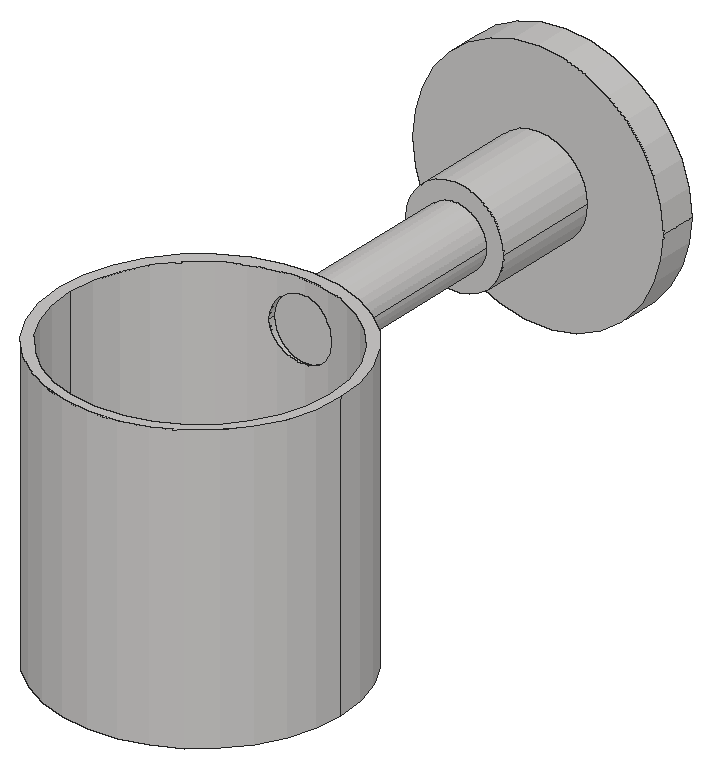
Revit family "T16", category Generic Models, Revit 2021
Family settings
  Can host rebar = No
  Round Connector Dimension = Use Diameter
  Part Type = Normal
  Work Plane-Based = No
  Always vertical = Yes
  Cut with Voids When Loaded = No
  Shared = No
  Room Calculation Point = No
Parameters (values of type "Standard")
  e-mail = "info@vola.com"
  URL = "http://vola.com"
  Telephone = "+45 7023 5500"
  Quality management standard = "ISO 9001"
  Organisation no. / DUNS no. = "17531328"
  Occupational health and safety management standard = "ISO 18001"
  Mounting Instructions = "http://vola.com/service/producturl.ashx?name=T16"
  Model = "T16"
  Materials and components information = "http://vola.com/service/producturl.ashx?name=T16"
  Manufacturer = "VOLA A/S"
  Maintenance Instructions = "http://vola.com/service/producturl.ashx?name=T16"
  Guarantee = "2 years"
  Environmental management standard = "ISO 14000"
  Default Elevation = 0.0000 mm
  Connection - All relevant connections = ""
  Approvals = "http://vola.com/service/producturl.ashx?name=T16"
Reference planes
  plane 1 "Center (Front/Back)": y = 0
  plane 2: z = 0
  plane 3 "Center (Left/Right)": x = 0
Forms (mm)
  Extrusion 1, solid, material "Stainless Steel"
    sketch origin (0, 0, 0) x (1, 0, 0) y (0, 0, 1)
      loop
        circle (0, 0) r 18
    from 0 to 5
  Extrusion 2, solid, material "Stainless Steel"
    sketch origin (0, -5, 0) x (1, 0, 0) y (0, 0, 1)
      loop
        circle (0, 0) r 7
    from 0 to 15
  Extrusion 3, solid, material "Stainless Steel"
    sketch origin (0, -20, 0) x (1, 0, 0) y (0, 0, 1)
      loop
        circle (0, 0) r 4.475
    from 0 to 26.714
  Extrusion 4, solid, material "Stainless Steel"
    sketch origin (0.311, 6, 0) x (0, 1, 0) y (-1, 0, 0)
      loop
        circle (-71.75, 0.311) r 20.25
      loop
        circle (-71.956, 0.142) r 18.75
    from -34.5 to 6.5
  Extrusion 5, void
    sketch origin (0, -20, -14.5) x (-1, 0, 0) y (0, 0, 1)
      loop
        circle (0, 14.5) r 4.475
    from -29.695 to -26.9
  Extrusion 6, solid, material "Stainless Steel"
    sketch origin (0, 0, 0) x (1, 0, 0) y (0, 1, 0)
      loop
        circle (0.169, -65.956) r 18.75
      loop
        circle (0.169, -65.956) r 10.98
    from -34.5 to -33
Cuts and joins
  Extrusion 5 cuts Extrusion 4
  joined: Extrusion 3, Extrusion 4, Extrusion 6
Dimensions and locks
  aligned and locked: plane 2 to level
